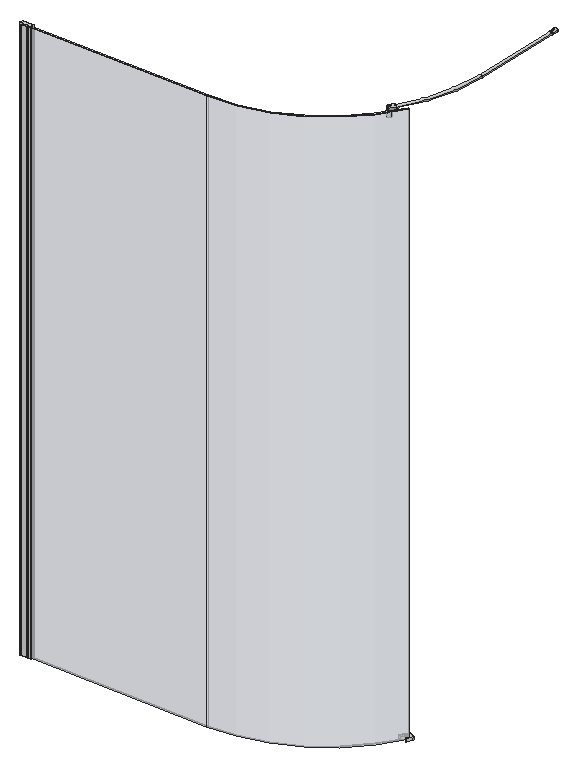
Revit family "Reece_Shower_Kado_Lux_Walk In Shower Screen_Curved", category Plumbing Fixtures, Revit 2018
Family settings
  Round Connector Dimension = Use Diameter
  Part Type = Normal
  Work Plane-Based = Yes
  Always vertical = Yes
  Cut with Voids When Loaded = Yes
  Shared = Yes
  Room Calculation Point = Yes
Parameters (values of type "1000 mm_With Wall Support_Chrome")
  URL = "https://www.reece.com.au/product/-9507353"
  Type Comments = "Shower"
  Reece_Screen_Size = 1200 mm  # constant formula
  Reece_Screen_Height = 2000 mm  # constant formula
  Reece_Product_Web Page = "https://www.reece.com.au/product/-9507353"
  Reece_Product_Type = "Shower"  # constant formula
  Reece_Product_Sub Brand = "Lux"  # constant formula
  Reece_Product_Number = "9507353"
  Reece_Product_Mount = "Wall Mounted"
  Reece_Product_Description = "Kado Lux Walk In Curved Shower Screen 1200 Chrome"
  Reece_Product_Brand = "Kado"  # constant formula
  Reece_Overall_Height = 2020 mm
  Reece_Overall_Depth = 900 mm  # constant formula
  Reece_Material_Screen = Reece_Safety Glass_Transparent
  Reece_Material_Main = Reece_Brass_Chrome
  Reece_Detail_Function = "Curved"  # constant formula
  Reece_Detail_Disclaimer = "THIS FILE IS THE PROPERTY OF THE REECE GROUP. IT MAY NOT BE REPRODUCED, REVERSE-ENGINEERED OR MODIFIED. ANY REPUBLICATION, TRANSMISSION OR DISTRIBUTION FOR THE PURPOSE OF COMMERCIALLY EXPLOITING THE FILES IS PROHIBITED."  # constant formula
  Reece_Detail_Additional = "Walk In Shower Screen"  # constant formula
  Model = "Lux"
  Manufacturer = "Kado"
  Keynote = "Product #9507353, Reece_Shower_Kado_Lux_Walk In Shower Screen_Curved - 1000 mm_With Wall Support_Chrome"
  Disclaimer = "THIS FILE IS THE PROPERTY OF THE REECE GROUP. IT MAY NOT BE REPRODUCED, REVERSE-ENGINEERED OR MODIFIED. ANY REPUBLICATION, TRANSMISSION OR DISTRIBUTION FOR THE PURPOSE OF COMMERCIALLY EXPLOITING THE FILES IS PROHIBITED."  # constant formula
  Description = "Kado Lux Walk In Curved Shower Screen 1200 Chrome"
  Default Elevation = 0 mm
Types (2, lengths in mm): name | Keynote
  (no name) | "Product #9507353, Reece_Shower_Kado_Lux_Walk In Shower Screen_Curved -  "
  1000 mm_With Wall Support_Chrome | "Product #9507353, Reece_Shower_Kado_Lux_Walk In Shower Screen_Curved - 1000 mm_With Wall Support_Chrome"
Reference planes
  plane 1 "Center (Front/Back)": y = 0
  plane 2 "Height From Floor": z = 0
  plane 3 "Center (Left/Right)": x = 0
  plane 4 "Bottom Of Invisible Line": z = -5
  plane 5: x = -600
  plane 6: y = 450
  plane 7: z = 2000
  plane 8: x = 600
  plane 9: z = 2020
  plane 10: y = -450
  plane 11: y = -414
  plane 12: y = -126
  plane 13: x = 536.252
  plane 14: x = -572.748
Forms (mm)
  Extrusion 1, solid, material "Reece_Brass_Chrome" <- "Reece_Material_Main"
    sketch origin (-265.462, -1294.5, 0) x (0, -1, 0) y (1, 0, 0)
      loop
        arc (-868.5, -295.038) -> (-868.646, -294.685) -> (-869, -294.538) r 0.5
        line (-869, -294.538) -> (-870, -294.538) -> (-870, -310.586)
        arc (-870, -310.586) -> (-870.146, -310.94) -> (-870.5, -311.086) r 0.5
        line (-870.5, -311.086) -> (-878.5, -311.086)
        arc (-878.5, -311.086) -> (-878.853, -310.94) -> (-879, -310.586) r 0.5
        line (-879, -310.586) -> (-879, -294.538) -> (-880, -294.538)
        arc (-880, -294.538) -> (-880.353, -294.685) -> (-880.5, -295.038) r 0.5
        line (-880.5, -295.038) -> (-880.5, -334.038)
        arc (-880.5, -334.038) -> (-880.353, -334.392) -> (-880, -334.538) r 0.5
        line (-880, -334.538) -> (-869, -334.538)
        arc (-869, -334.538) -> (-868.646, -334.392) -> (-868.5, -334.038) r 0.5
        line (-868.5, -334.038) -> (-868.5, -295.038)
      loop
        line (-878.5, -333.038) -> (-870.5, -333.038)
        arc (-870.5, -333.038) -> (-870.146, -332.892) -> (-870, -332.538) r 0.5
        line (-870, -332.538) -> (-870, -313.086)
        arc (-870, -313.086) -> (-870.146, -312.733) -> (-870.5, -312.586) r 0.5
        line (-870.5, -312.586) -> (-878.5, -312.586)
        arc (-878.5, -312.586) -> (-878.853, -312.733) -> (-879, -313.086) r 0.5
        line (-879, -313.086) -> (-879, -332.538)
        arc (-879, -332.538) -> (-878.853, -332.892) -> (-878.5, -333.038) r 0.5
    from 0 to 2000
  Extrusion 2, solid, material "Reece_Brass_Chrome" <- "Reece_Material_Main"
    sketch origin (-265.462, -1294.5, 0) x (0, -1, 0) y (1, 0, 0)
      loop
        arc (-868.5, -295.038) -> (-868.646, -294.685) -> (-869, -294.538) r 0.5
        line (-869, -294.538) -> (-880, -294.538)
        arc (-880, -294.538) -> (-880.353, -294.685) -> (-880.5, -295.038) r 0.5
        line (-880.5, -295.038) -> (-880.5, -334.038)
        arc (-880.5, -334.038) -> (-880.353, -334.392) -> (-880, -334.538) r 0.5
        line (-880, -334.538) -> (-869, -334.538)
        arc (-869, -334.538) -> (-868.646, -334.392) -> (-868.5, -334.038) r 0.5
        line (-868.5, -334.038) -> (-868.5, -295.038)
    from 2000 to 2005
  Extrusion 3, solid, material "Reece_Brass_Chrome" <- "Reece_Material_Main", detail levels fine
    sketch origin (1067.773, 561.28, 20) x (1, 0, 0) y (0, 1, 0)
      loop
        circle (-474.005, -127.316) r 1.5
      loop
        circle (-474.005, -122.316) r 1.5
    from 1999.5 to 2000.5
  Extrusion 4, solid, material "Reece_Safety Glass_Transparent" <- "Reece_Material_Screen"
    sketch origin (-91, -461, 0) x (-1, 0, 0) y (0, -1, 0)
      loop
        line (478.748, -45) -> (478.748, -37) -> (-149, -37)
        arc (-149, -37) -> (-431.434, -116.749) -> (-630.446, -332.44) r 540
        line (-630.446, -332.44) -> (-623.352, -336.139)
        arc (-623.352, -336.139) -> (-427.286, -123.59) -> (-149, -45) r 532
        line (-149, -45) -> (478.748, -45)
    from 0 to 2000
  Extrusion 5, solid, material "Reece_Brass_Chrome" <- "Reece_Material_Main"
    sketch origin (-132.791, -342.836, 0) x (0.886668, -0.462406, 0) y (0.462406, 0.886668, 0)
      loop
        line (475.68, 478.129) -> (487.396, 478.129)
        arc (487.396, 478.129) -> (487.811, 478.295) -> (487.996, 478.703) r 0.6
        arc (487.996, 478.703) -> (488.367, 490.164) -> (488.49, 501.631) r 531.5
        line (488.49, 501.631) -> (497.415, 501.631)
        arc (497.415, 501.631) -> (497.374, 495.179) -> (497.256, 488.728) r 540.005
        arc (497.256, 488.728) -> (497.426, 488.294) -> (497.856, 488.114) r 0.6
        line (497.856, 488.114) -> (502.01, 488.114)
        arc (502.01, 488.114) -> (502.388, 488.266) -> (502.555, 488.638) r 0.546
        arc (502.555, 488.638) -> (502.862, 499.024) -> (502.966, 509.414) r 531.982
        arc (502.966, 509.414) -> (502.796, 509.823) -> (502.387, 509.993) r 0.578
        line (502.387, 509.993) -> (476.613, 509.993)
        arc (476.613, 509.993) -> (476.205, 509.823) -> (476.036, 509.415) r 0.578
        arc (476.036, 509.415) -> (475.811, 494.051) -> (475.142, 478.699) r 532.017
        arc (475.142, 478.699) -> (475.288, 478.298) -> (475.68, 478.129) r 0.539
    from 0 to 10
  Extrusion 6, solid, material "Reece_Brass_Chrome" <- "Reece_Material_Main", detail levels fine
    sketch origin (666.291, 340.999, -1990) x (-0.520686, -0.853748, 0) y (0.853748, -0.520686, 0)
      loop
        circle (482.488, 121.5) r 3.5
      loop
        circle (468.5, 121.5) r 3.5
      loop
        line (471.5, 121.5) -> (470, 124.098) -> (467, 124.098) -> (465.5, 121.5) -> (467, 118.902) -> (470, 118.902) -> (471.5, 121.5)
      loop
        line (485.488, 121.5) -> (483.988, 124.098) -> (480.988, 124.098) -> (479.488, 121.5) -> (480.988, 118.902) -> (483.988, 118.902) -> (485.488, 121.5)
    from 2000 to 2001
  Revolve 7, solid, material "Reece_Brass_Chrome" <- "Reece_Material_Main"
    sketch origin (-530.505, -1596, 2014) x (-1, 0, 0) y (0, -1, 0)
      loop
        line (-1130.005, -2046) -> (-1124.505, -2046) -> (-1124.505, -2026) -> (-1129.505, -2026) -> (-1129.505, -2024) -> (-1130.505, -2024) -> (-1130.505, -2045.5)
        arc (-1130.505, -2045.5) -> (-1130.359, -2045.854) -> (-1130.005, -2046) r 0.5
      axis (-1124.505, -2046) -> (-1124.505, -2024)
    angle from 0 to 360
  Revolve 8, solid, material "Reece_Brass_Chrome" <- "Reece_Material_Main"
    sketch origin (-527.684, -1589.1, 2014) x (-0.999973, 0.007295, 0) y (-0.007295, -0.999973, 0)
      loop
        arc (-1025.942, -1411.546) -> (-1026.32, -1411.488) -> (-1026.629, -1411.714) r 0.5
        line (-1026.629, -1411.714) -> (-1037.773, -1430.1) -> (-1036.918, -1430.619) -> (-1035.881, -1428.908) -> (-1031.605, -1431.5) -> (-1021.238, -1414.396) -> (-1025.942, -1411.546)
      axis (-1021.238, -1414.396) -> (-1032.642, -1433.21)
    angle from 0 to 360
  Sweep 9, solid, material "Reece_Brass_Chrome" <- "Reece_Material_Main"
    path origin (-531.505, -1596, 2014) x (-1, 0, 0) y (0, -1, 0)
      loop
        line (-1121.505, -2024) -> (-1121.505, -1712)
        arc (-1121.505, -1712) -> (-1101.356, -1566.975) -> (-1042.436, -1432.935) r 532
    profile origin (590, 272, 2014) x (1, 0, 0) y (0, 0, 1)
      loop
        circle (4, 0) r 5
  Revolve 10, solid, material "Reece_Brass_Chrome" <- "Reece_Material_Main"
    sketch origin (698.113, -179.004, 1196.084) x (0.999973, -0.007295, 0) y (0, 0, 1)
      loop
        line (-191.529, 812.916) -> (-191.529, 790.916) -> (-183.529, 790.916) -> (-183.529, 805.916) -> (-188.529, 809.916) -> (-188.529, 812.916) -> (-191.529, 812.916)
      axis (-191.529, 812.916) -> (-191.529, 790.916)
    angle from 0 to 360
  Extrusion 11, void
    sketch origin (-86.073, -68.281, 0) x (0.999973, -0.007295, 0) y (0.007295, 0.999973, 0)
      loop
        arc (593.725, -95.542) -> (589.308, -102.511) -> (584.785, -109.411) r 532
        line (584.785, -109.411) -> (591.979, -114.289)
        arc (591.979, -114.289) -> (596.634, -107.19) -> (601.176, -100.019) r 540
        line (601.176, -100.019) -> (593.725, -95.542)
    from 1980 to 2000
  Extrusion 12, solid, material "Reece_Brass_Chrome" <- "Reece_Material_Main", detail levels fine
    sketch origin (28.733, -55.443, 20) x (-0.862355, 0.506304, 0) y (-0.506304, -0.862355, 0)
      loop
        circle (-474.005, -139.316) r 1.5
      loop
        circle (-474.005, -134.316) r 1.5
    from 1999.5 to 2000.5
Cuts and joins
  Extrusion 11 cuts Revolve 10
  joined: Extrusion 1, Extrusion 5, Revolve 8, Revolve 10
  joined: Revolve 7, Sweep 9
  joined: Extrusion 3, Extrusion 6, Extrusion 12
Lines and regions (mm)
  model lines, style "InvisibleLines"
    curve 1: line (0, 0, -5) -> (0, 0, 0)
Text (mm)
  text "Reece ©" at (4010.036, -1850.322, 2156.454), in view "Reece Preview"
  text "Reece Copyright © 2018, Reece Ltd." at (-1145.309, -916.416, 0), in view "Ref. Level"
Dimensions and locks
  locked: level to plane 4 "Bottom Of Invisible Line" at 5
  "Reece_Screen_Height": plane 7 to level
  "Reece_Overall_Height": plane 9 to level
  equal spacing: plane 10, plane 1 "Center (Front/Back)", plane 6
  "Reece_Screen_Size": plane 5 to plane 8
  equal spacing: plane 5, plane 3 "Center (Left/Right)", plane 8
  "Reece_Overall_Depth": plane 10 to plane 6
  plane 14 to plane 13 = 1109 mm
  Extrusion 4 to plane 12 = 298 mm
  Extrusion 4 to Extrusion 4 = 627.748 mm
Automatic sketch dimensions
  curve 1 to level = 0 mm
  curve 1 to plane 3 "Center (Left/Right)" = 0 mm
  curve 1 to plane 4 "Bottom Of Invisible Line" = 0 mm
  Revolve 7 sketch curve to plane 8 = 0 mm
  plane 6 to Revolve 7 sketch curve = 0 mm
  Revolve 7 sketch curve to plane 8 = 0.5 mm
  Revolve 7 sketch curve to plane 8 = 1 mm
  Revolve 7 sketch curve to Revolve 7 sketch curve = 5 mm
  Revolve 7 sketch curve to Revolve 7 sketch curve = 19.5 mm
  Revolve 7 sketch curve to Revolve 7 sketch curve = 2 mm
  Revolve 7 sketch curve to plane 8 = 6 mm
  Revolve 7 sketch curve to plane 6 = 6.22 mm
  Revolve 7 sketch curve to Revolve 7 sketch curve = 6.437 mm
  Sweep 9 sketch curve to profile plane = 4 mm
  Sweep 9 sketch curve to profile plane = 0 mm
  Sweep 9 sketch curve to plane 8 = 10 mm
  plane 3 "Center (Left/Right)" to Sweep 9 sketch curve = 58 mm
  Sweep 9 sketch curve to plane 1 "Center (Front/Back)" = 116 mm
  plane 6 to Sweep 9 sketch curve = 22 mm
  Extrusion 6 sketch curve to plane 8 = 72.358 mm
  Extrusion 6 sketch curve to Extrusion 6 sketch curve = 1.5 mm  (x12)
  Extrusion 6 sketch curve to Extrusion 6 sketch curve = 7.988 mm
  Extrusion 6 sketch curve to Extrusion 6 sketch curve = 0 mm  (x4)
  Extrusion 6 sketch curve to Extrusion 6 sketch curve = 2.598 mm  (x5)
  Revolve 8 sketch curve to plane 8 = 79.506 mm
  Revolve 8 sketch curve to Revolve 8 sketch curve = 0.855 mm
  Revolve 8 sketch curve to Revolve 8 sketch curve = 1.037 mm
  Revolve 8 sketch curve to Revolve 8 sketch curve = 4.276 mm
  Revolve 8 sketch curve to Revolve 8 sketch curve = 9.252 mm
  Revolve 8 sketch curve to Revolve 8 sketch curve = 0.428 mm
  Revolve 8 sketch curve to Revolve 8 sketch curve = 0.259 mm
  Revolve 8 sketch curve to Revolve 8 sketch curve = 4.703 mm
  Revolve 8 sketch curve to Revolve 8 sketch curve = 0.518 mm
  Revolve 8 sketch curve to Revolve 8 sketch curve = 3.336 mm
  Revolve 8 sketch curve to Revolve 8 sketch curve = 3.224 mm
  Revolve 8 sketch curve to Revolve 8 sketch curve = 5.504 mm
  Revolve 8 sketch curve to Revolve 8 sketch curve = 5.319 mm
  plane 7 to Revolve 10 sketch curve = 9 mm
  Revolve 10 sketch curve to Revolve 10 sketch curve = 3 mm  (x2)
  plane 7 to Revolve 10 sketch curve = 2 mm
  Revolve 10 sketch curve to Revolve 10 sketch curve = 5 mm
  Revolve 10 sketch curve to plane 7 = 13 mm
  Revolve 10 sketch curve to Revolve 10 sketch curve = 0 mm
  Revolve 10 sketch curve to Revolve 10 sketch curve = 5.916 mm
  plane 9 to Revolve 10 sketch curve = 2.445 mm
  Extrusion 12 sketch curve to plane 8 = 94.502 mm
  Extrusion 12 sketch curve to Extrusion 12 sketch curve = 0 mm
  Extrusion 12 sketch curve to Extrusion 12 sketch curve = 5 mm
  Extrusion 11 sketch curve to Extrusion 11 sketch curve = 0.396 mm
  Extrusion 11 sketch curve to Extrusion 11 sketch curve = 7.195 mm
  Extrusion 11 sketch curve to Extrusion 11 sketch curve = 4.878 mm
  Extrusion 11 sketch curve to Extrusion 11 sketch curve = 8.94 mm
  Extrusion 11 sketch curve to Extrusion 11 sketch curve = 442.629 mm
  Extrusion 11 sketch curve to Extrusion 11 sketch curve = 7.451 mm
  Extrusion 11 sketch curve to Extrusion 11 sketch curve = 281.264 mm
  Extrusion 11 sketch curve to Extrusion 11 sketch curve = 0.569 mm
  plane 3 "Center (Left/Right)" to Extrusion 11 sketch curve = 57.434 mm
  Extrusion 11 sketch curve to plane 1 "Center (Front/Back)" = 116.4 mm
  plane 3 "Center (Left/Right)" to Extrusion 5 sketch curve = 53.18 mm
  Extrusion 5 sketch curve to plane 1 "Center (Front/Back)" = 134.831 mm
  Extrusion 5 sketch curve to Extrusion 5 sketch curve = 12.971 mm
  Extrusion 5 sketch curve to Extrusion 5 sketch curve = 0.42 mm
  Extrusion 5 sketch curve to Extrusion 5 sketch curve = 13.573 mm
  Extrusion 5 sketch curve to Extrusion 5 sketch curve = 0.933 mm
  Extrusion 5 sketch curve to Extrusion 5 sketch curve = 11.716 mm
  Extrusion 5 sketch curve to Extrusion 5 sketch curve = 11.877 mm
  Extrusion 5 sketch curve to Extrusion 5 sketch curve = 8.925 mm
  Extrusion 5 sketch curve to Extrusion 5 sketch curve = 0.44 mm
  Extrusion 5 sketch curve to Extrusion 5 sketch curve = 4.154 mm
  Extrusion 5 sketch curve to Extrusion 5 sketch curve = 4.972 mm
  Extrusion 5 sketch curve to Extrusion 5 sketch curve = 0 mm  (x4)
  Extrusion 5 sketch curve to Extrusion 5 sketch curve = 0.111 mm
  Extrusion 5 sketch curve to Extrusion 5 sketch curve = 0.001 mm
  Extrusion 5 sketch curve to Extrusion 5 sketch curve = 7.678 mm
  Extrusion 5 sketch curve to Extrusion 5 sketch curve = 7.784 mm
  Extrusion 5 sketch curve to Extrusion 5 sketch curve = 0.054 mm
  Extrusion 5 sketch curve to Extrusion 5 sketch curve = 0.546 mm
  Extrusion 5 sketch curve to Extrusion 5 sketch curve = 10 mm
  Extrusion 5 sketch curve to Extrusion 5 sketch curve = 0.061 mm
  Extrusion 5 sketch curve to Extrusion 5 sketch curve = 0.539 mm
  Extrusion 5 sketch curve to Extrusion 5 sketch curve = 0.578 mm
  Extrusion 5 sketch curve to Extrusion 5 sketch curve = 0.599 mm
  plane 11 to Extrusion 1 sketch curve = 0 mm
  Extrusion 1 sketch curve to Extrusion 1 sketch curve = 0.5 mm  (x7)
  plane 11 to Extrusion 1 sketch curve = 0.5 mm
  plane 11 to Extrusion 1 sketch curve = 1.5 mm  (x2)
  Extrusion 1 sketch curve to Extrusion 1 sketch curve = 8 mm
  Extrusion 1 sketch curve to Extrusion 1 sketch curve = 0 mm  (x2)
  plane 5 to Extrusion 1 sketch curve = 2 mm
  Extrusion 1 sketch curve to Extrusion 1 sketch curve = 9 mm
  Extrusion 1 sketch curve to plane 5 = 0 mm
  Extrusion 1 sketch curve to Extrusion 1 sketch curve = 1.5 mm  (x2)
  Extrusion 1 sketch curve to Extrusion 1 sketch curve = 1 mm
  Extrusion 1 sketch curve to Extrusion 1 sketch curve = 19.452 mm
  Extrusion 1 sketch curve to Extrusion 1 sketch curve = 15.548 mm
  plane 11 to Extrusion 2 sketch curve = 0 mm
  plane 11 to Extrusion 2 sketch curve = 0.5 mm  (x2)
  Extrusion 2 sketch curve to Extrusion 2 sketch curve = 11 mm  (x2)
  Extrusion 2 sketch curve to plane 5 = 0 mm
  Extrusion 2 sketch curve to Extrusion 2 sketch curve = 0.5 mm
  Extrusion 2 sketch curve to Extrusion 2 sketch curve = 39 mm
  Extrusion 3 sketch curve to plane 8 = 6.232 mm
  Extrusion 3 sketch curve to Extrusion 3 sketch curve = 0 mm
  plane 6 to Extrusion 3 sketch curve = 16.036 mm
  Extrusion 3 sketch curve to Extrusion 3 sketch curve = 5 mm
  plane 1 "Center (Front/Back)" to Extrusion 6 sketch curve = 119.684 mm
  plane 1 "Center (Front/Back)" to Revolve 8 sketch curve = 166.608 mm
  plane 1 "Center (Front/Back)" to Extrusion 12 sketch curve = 179.606 mm
  Sweep 9 sketch curve to plane 12 = 37.065 mm
  Extrusion 4 sketch curve to Extrusion 4 sketch curve = 0 mm  (x2)
  plane 12 to Extrusion 4 sketch curve = 1.139 mm
  plane 13 to Extrusion 4 sketch curve = 3.899 mm
  Extrusion 4 sketch curve to plane 13 = 3.194 mm
  Extrusion 4 sketch curve to plane 12 = 2.56 mm
  plane 11 to Extrusion 4 sketch curve = 2 mm
  plane 3 "Center (Left/Right)" to Extrusion 4 sketch curve = 58 mm
  Extrusion 4 sketch curve to plane 14 = 3 mm
  radius of Sweep 9 sketch curve = 5 mm
  radius of Extrusion 6 sketch curve = 3.5 mm  (x2)
  radius of Extrusion 12 sketch curve = 1.5 mm  (x2)
  radius of Extrusion 3 sketch curve = 1.5 mm  (x2)
